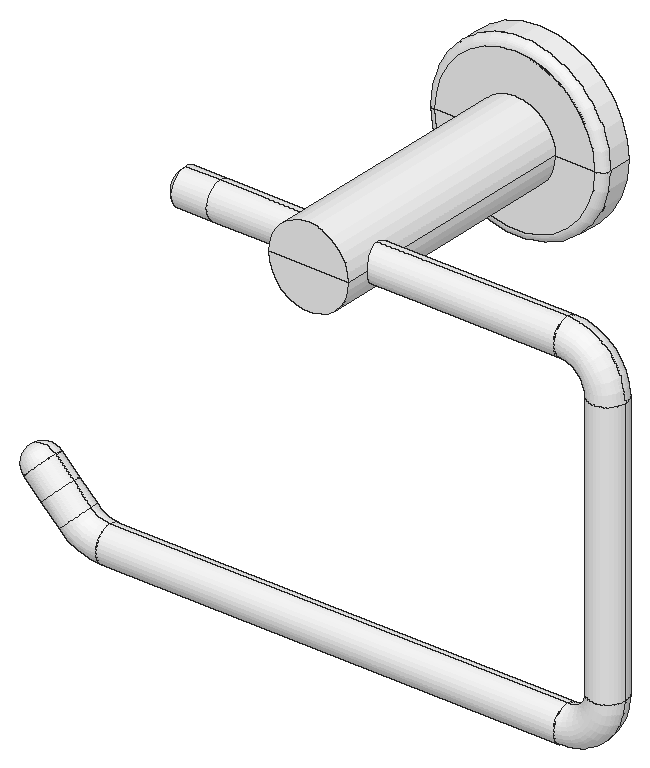
Revit family "Reece_Accessory_Mizu_Drift_Toilet Roll Holder_Loop", category Plumbing Fixtures, Revit 2018
Family settings
  Round Connector Dimension = Use Diameter
  Part Type = Normal
  Work Plane-Based = Yes
  Always vertical = Yes
  Cut with Voids When Loaded = Yes
  Shared = Yes
  Room Calculation Point = Yes
Parameters (values of type "Chrome")
  URL = "https://www.reece.com.au/product/-9501099"
  Type Comments = "Accessory"
  Reece_Product_Web Page = "https://www.reece.com.au/product/-9501099"
  Reece_Product_Type = "Accessory"
  Reece_Product_Sub Brand = "Drift"
  Reece_Product_Number = "9501099"
  Reece_Product_Mount = "Wall Mounted"
  Reece_Product_Description = "Mizu Drift Loop Toilet Roll Holder Chrome"
  Reece_Product_Brand = "Mizu"
  Reece_Overall_Length = 135 mm
  Reece_Overall_Height = 102 mm  # constant formula
  Reece_Material_Main = Reece_Brass_Chrome
  Reece_Detail_Shape = "Loop"
  Reece_Detail_Installation = ""
  Reece_Detail_Disclaimer = "THIS FILE IS THE PROPERTY OF THE REECE GROUP. IT MAY NOT BE REPRODUCED, REVERSE-ENGINEERED OR MODIFIED. ANY REPUBLICATION, TRANSMISSION OR DISTRIBUTION FOR THE PURPOSE OF COMMERCIALLY EXPLOITING THE FILES IS PROHIBITED."  # constant formula
  Reece_Detail_Connector = ""
  Reece_Detail_Additional = ""
  Reece_Backplate Radius = 20 mm  # constant formula
  Reece_Accessory_Projection = 65 mm  # constant formula
  Model = "Drift"
  Manufacturer = "Mizu"
  Keynote = "Product #9501099, Reece_Accessory_Mizu_Drift_Toilet Roll Holder_Loop - Chrome"
  Disclaimer = "THIS FILE IS THE PROPERTY OF THE REECE GROUP. IT MAY NOT BE REPRODUCED, REVERSE-ENGINEERED OR MODIFIED. ANY REPUBLICATION, TRANSMISSION OR DISTRIBUTION FOR THE PURPOSE OF COMMERCIALLY EXPLOITING THE FILES IS PROHIBITED."  # constant formula
  Description = "Toilet Roll Holder"
  Default Elevation = 1000 mm
Reference planes
  plane 1 "Center (Front/Back)": y = 0
  plane 2 "Bottom Host Plane": z = 0
  plane 3 "Center (Left/Right)": x = 0
  plane 4: z = -82
  plane 5: x = 63.991
  plane 6: x = -71.009
Forms (mm)
  Revolve 1, solid, material "Reece_Brass_Chrome" <- "Reece_Material_Main"
    sketch origin (-497.5, 0, 0) x (-1, 0, 0) y (0, -1, 0)
      loop
        line (-497.5, 0) -> (-477.5, 0) -> (-477.5, 5)
        arc (-477.5, 5) -> (-478.086, 6.414) -> (-479.5, 7) r 2
        line (-479.5, 7) -> (-488.5, 7) -> (-488.5, 65) -> (-497.5, 65) -> (-497.5, 0)
      axis (-497.5, 0) -> (-497.5, 65)
    angle from 0 to 360
  Sweep 2, solid, material "Reece_Brass_Chrome" <- "Reece_Material_Main"
    path origin (0, -56, 0) x (1, 0, 0) y (0, 0, 1)
      loop
        line (-27.121, 0) -> (51, 0)
        arc (51, 0) -> (57.364, -2.636) -> (60, -9) r 9
        line (60, -9) -> (60, -69)
        arc (60, -69) -> (57.364, -75.364) -> (51, -78) r 9
        line (51, -78) -> (-52, -78)
        arc (-52, -78) -> (-55.827, -77.239) -> (-59.071, -75.071) r 10
        line (-59.071, -75.071) -> (-63.057, -71.085)
    profile origin (11.94, -56, 0) x (0, 0, 1) y (0, -1, 0)
      loop
        circle (0, 0) r 4
  Revolve 3, solid, material "Reece_Brass_Chrome" <- "Reece_Material_Main"
    sketch origin (0, -56, 0) x (-1, 0, 0) y (0, 0, -1)
      loop
        arc (64.214, 64.271) -> (67.042, 63.1) -> (69.87, 64.272) r 4
        line (69.87, 64.272) -> (63.057, 71.085) -> (60.228, 68.257) -> (64.214, 64.271)
      axis (69.87, 64.272) -> (63.057, 71.085)
    angle from 0 to 360
  Revolve 4, solid, material "Reece_Brass_Chrome" <- "Reece_Material_Main"
    sketch origin (0, -56, 0) x (-1, 0, 0) y (0, 0, -1)
      loop
        line (35, -4) -> (36, -3) -> (36, 0) -> (27.121, 0) -> (27.121, -4) -> (35, -4)
      axis (36, 0) -> (27.121, 0)
    angle from 0 to 360
Cuts and joins
  joined: Revolve 1, Sweep 2, Revolve 3, Revolve 4
Text (mm)
  text "Reece ©" at (2726.345, -2609.327, 2681.14), in view "Reece Preview"
  text "Reece ©" at (-126.38, 63.165, -1020.679), in view "Ref. Level"
Dimensions and locks
  "Reece_Backplate Radius": Revolve 1 sketch curve to Revolve 1 sketch curve
  Revolve 1 sketch curve to plane 1 "Center (Front/Back)" = 65 mm
  plane 4 to cut or joined group of Revolve 1, Sweep 2, Revolve 3, Revolve 4 = 102 mm
  "Reece_Accessory_Projection": cut or joined group of Revolve 1, Sweep 2, Revolve 3, Revolve 4 to plane 1 "Center (Front/Back)"
  "Reece_Overall_Length": plane 6 to plane 5
  aligned and locked: Revolve 1 sketch curve to Revolve 1 sketch curve
Automatic sketch dimensions
  Sweep 2 sketch curve to level = 0 mm
  plane 4 to Sweep 2 sketch curve = 6.929 mm
  Sweep 2 sketch curve to Sweep 2 sketch curve = 7.071 mm
  plane 5 to Sweep 2 sketch curve = 12.991 mm  (x2)
  plane 5 to Sweep 2 sketch curve = 3.991 mm
  plane 4 to Sweep 2 sketch curve = 4 mm
  Sweep 2 sketch curve to Sweep 2 sketch curve = 0 mm
  Sweep 2 sketch curve to Sweep 2 sketch curve = 3.986 mm  (x2)
  Sweep 2 sketch curve to plane 3 "Center (Left/Right)" = 27.121 mm
  profile plane to Sweep 2 sketch curve = 0 mm
  Sweep 2 sketch curve to profile plane = 0 mm
  Revolve 3 sketch curve to Revolve 3 sketch curve = 2.828 mm  (x3)
  Revolve 3 sketch curve to Revolve 3 sketch curve = 3.986 mm
  plane 4 to Revolve 3 sketch curve = 17.729 mm
  plane 4 to Revolve 3 sketch curve = 9.375 mm
  Revolve 3 sketch curve to Revolve 3 sketch curve = 1.54 mm
  Revolve 3 sketch curve to Revolve 3 sketch curve = 1.989 mm
  Revolve 3 sketch curve to Revolve 3 sketch curve = 1.99 mm
  Revolve 4 sketch curve to level = 0 mm  (x2)
  Revolve 4 sketch curve to plane 3 "Center (Left/Right)" = 27.121 mm
  level to Revolve 4 sketch curve = 4 mm
  Revolve 4 sketch curve to Revolve 4 sketch curve = 7.879 mm
  Revolve 4 sketch curve to Revolve 4 sketch curve = 1 mm  (x3)
  Revolve 4 sketch curve to Revolve 4 sketch curve = 0 mm
  plane 6 to Sweep 2 sketch curve = 19.009 mm
  plane 6 to Revolve 3 sketch curve = 10.78 mm
  plane 1 "Center (Front/Back)" to Revolve 1 sketch curve = 0 mm  (x2)
  Revolve 1 sketch curve to plane 3 "Center (Left/Right)" = 0 mm
  Revolve 1 sketch curve to plane 3 "Center (Left/Right)" = 9 mm
  Revolve 1 sketch curve to Revolve 1 sketch curve = 2 mm
  Revolve 1 sketch curve to Revolve 1 sketch curve = 5 mm
  Revolve 1 sketch curve to Revolve 1 sketch curve = 87 mm
  radius of Sweep 2 sketch curve = 4 mm
